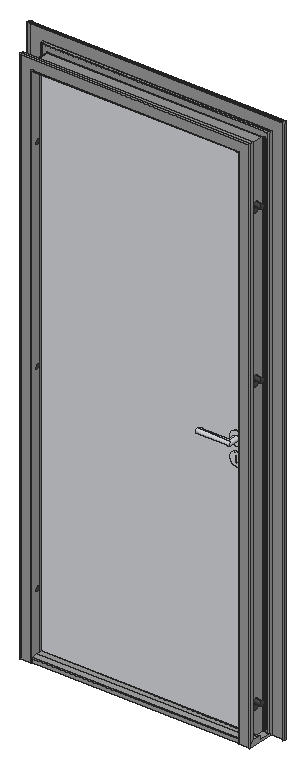
Revit family "Daloc S43 snabbsortiment", category Doors, host Wall, Revit 2017
Family settings
  Host = Wall
  OmniClass Number = 23.30.10.00
  OmniClass Title = Doors
  Always vertical = Yes
  Cut with Voids When Loaded = No
  Shared = No
  Room Calculation Point = No
Parameters (values of type "9x21")
  Övre gångjärn start [instance] = Dörrblad ÖK - 310 mm  # 1763 mm
  Övre gångjärn end [instance] = Dörrblad ÖK - 190 mm  # 1883 mm
  Vänsterhängd [instance] = no
  Visa kollisionskontroll [instance] = no
  Tröskeltyp G Stål [instance] = no
  Tröskeltyp G Hårdträ [instance] = yes
  Modulhöjd = 21
  Modulbredd = 9
  Kulör dörrblad [instance] = none
  Kollisionskontroll vänster [instance] = and(Visa kollisionskontroll, Vänsterhängd)  # no
  Kollisionskontroll höger [instance] = and(Visa kollisionskontroll, Högerhängd)  # no
  KDH [instance] = Height - 75 mm  # 2025 mm
  Infästning Vänsterhängd [instance] = and(Vänsterhängd, or(Dörrkarm K41, Dörrkarm K42))  # no
  Infästning Högerhängd [instance] = and(Högerhängd, or(Dörrkarm K41, Dörrkarm K42))  # yes
  Höjd dörrblad [instance] = (Modulhöjd * 100 mm) - 40 mm  # 2060 mm
  Högerhängd [instance] = yes
  Function = Interior
  Frame Projection Ext. = 25 mm
  Frame Projection Int. = 25 mm
  Frame Width = 75 mm
  Height = Modulhöjd * 100 mm  # 2100 mm
  Wall Closure = By host
  Width = Modulbredd * 100 mm  # 900 mm
  Fp lås Ö [instance] = KDH - 233 mm  # 1792 mm
  Fp Ggj Ö övre hålet [instance] = Fp Ggj Ö + 18 mm  # 1792.5 mm
  Fp Ggj Ö undre hålet [instance] = Fp Ggj Ö - 18 mm  # 1756.5 mm
  Fp Ggj Ö [instance] = KDH - 250.5 mm  # 1774.5 mm
  Dörrstängare Vänster G [instance] = and(Vänsterhängd, Dörrstängare G sida)  # no
  Dörrstängare Vänster A [instance] = and(Vänsterhängd, Dörrstängare A sida)  # no
  Dörrstängare Höger G [instance] = and(Högerhängd, Dörrstängare G sida)  # no
  Dörrstängare Höger A [instance] = and(Högerhängd, Dörrstängare A sida)  # no
  Dörrstängare G sida [instance] = no
  Dörrstängare A sida [instance] = no
  Dörrkarm K42 [instance] = no
  Dörrkarm K41 [instance] = yes
  Dörrblad ÖK [instance] = Höjd dörrblad + Dörrblad UK  # 2073 mm
  Dörrblad UK [instance] = 13 mm
  Datablad [instance] = "http://www.dorrkatalogen.daloc.se/staldorrar/S43/"
  DST offset G-sida [instance] = Dörrblad ÖK - 75 mm  # 1998 mm
  DST offset A-sida [instance] = Dörrblad ÖK - 110 mm  # 1963 mm
  Bredd med överfals [instance] = Bredd dörrblad + 26.2 mm  # 850.2 mm
  Bredd dörrblad [instance] = (Modulbredd * 100 mm) - 76 mm  # 824 mm
Types (5, lengths in mm): name | Övre gångjärn start | Övre gångjärn end | Modulhöjd | Modulbredd | KDH | Höjd dörrblad | Height | Width | Fp lås Ö | Fp Ggj Ö övre hålet | Fp Ggj Ö undre hålet | Fp Ggj Ö | Dörrblad ÖK | DST offset G-sida | DST offset A-sida | Bredd med överfals | Bredd dörrblad
  (no name) | 1763 | 1883 | 21 | 9 | 2025 | 2060 | 2100 | 900 | 1792 | 1792.5 | 1756.5 | 1774.5 | 2073 | 1998 | 1963 | 850.2 | 824
  9x21 | 1763 | 1883 | 21 | 9 | 2025 | 2060 | 2100 | 900 | 1792 | 1792.5 | 1756.5 | 1774.5 | 2073 | 1998 | 1963 | 850.2 | 824
  10x21 | 1763 | 1883 | 21 | 10 | 2025 | 2060 | 2100 | 1000 | 1792 | 1792.5 | 1756.5 | 1774.5 | 2073 | 1998 | 1963 | 950.2 | 924
  9x20,8 | 1743 | 1863 | 20.8 | 9 | 2005 | 2040 | 2080 | 900 | 1772 | 1772.5 | 1736.5 | 1754.5 | 2053 | 1978 | 1943 | 850.2 | 824
  10x20,8 | 1743 | 1863 | 20.8 | 10 | 2005 | 2040 | 2080 | 1000 | 1772 | 1772.5 | 1736.5 | 1754.5 | 2053 | 1978 | 1943 | 950.2 | 924
Reference planes
  plane 1: y = 0
  plane 2 "Center (Left/Right)": x = 0
  plane 3 "Left": x = -450
  plane 4 "Right": x = 450
  plane 5: z = 2100
  plane 6 "Exterior": y = 75
  plane 7 "Interior": y = -75
  plane 8 "Drevmån h": x = -445
  plane 9 "Drevmån v": x = 445
  plane 10 "Drevmån övre": z = 2093
Forms (mm)
  Sweep 1, solid, material "Daloc dörrkarm VIT S 0500-N", visible <- "Dörrkarm K41"
    path origin (0, 75, 0) x (1, 0, 0) y (0, 0, 1)
      loop
        line (445, 0) -> (445, 2093) -> (-445, 2093) -> (-445, 0)
    profile "Karm_K41 : Karm_K41" origin (445, 75, 1046.5) x (-1, 0, 0) y (0, -1, 0)
      loop
        line (0, 85) -> (1.5, 85) -> (1.5, 95)
        arc (1.5, 95) -> (1.939, 96.061) -> (3, 96.5) r 1.5
        line (3, 96.5) -> (42, 96.5)
        arc (42, 96.5) -> (43.061, 96.061) -> (43.5, 95) r 1.5
        line (43.5, 95) -> (43.5, 55)
        arc (43.5, 55) -> (43.061, 53.939) -> (42, 53.5) r 1.5
        line (42, 53.5) -> (28.5, 53.5) -> (28.5, 3)
        arc (28.5, 3) -> (28.061, 1.939) -> (27, 1.5) r 1.5
        line (27, 1.5) -> (6.5, 1.5)
        arc (6.5, 1.5) -> (4.379, 0.621) -> (3.5, -1.5) r 3
        line (3.5, -1.5) -> (3.5, -10)
        arc (3.5, -10) -> (3.061, -11.061) -> (2, -11.5) r 1.5
        line (2, -11.5) -> (-47, -11.5)
        arc (-47, -11.5) -> (-48.061, -11.061) -> (-48.5, -10) r 1.5
        line (-48.5, -10) -> (-48.5, 0) -> (-50, 0) -> (-50, -10)
        arc (-50, -10) -> (-49.121, -12.121) -> (-47, -13) r 3
        line (-47, -13) -> (2, -13)
        arc (2, -13) -> (4.121, -12.121) -> (5, -10) r 3
        line (5, -10) -> (5, -1.5)
        arc (5, -1.5) -> (5.439, -0.439) -> (6.5, 0) r 1.5
        line (6.5, 0) -> (27, 0)
        arc (27, 0) -> (29.121, 0.879) -> (30, 3) r 3
        line (30, 3) -> (30, 52) -> (42, 52)
        arc (42, 52) -> (44.121, 52.879) -> (45, 55) r 3
        line (45, 55) -> (45, 95)
        arc (45, 95) -> (44.121, 97.121) -> (42, 98) r 3
        line (42, 98) -> (3, 98)
        arc (3, 98) -> (0.879, 97.121) -> (0, 95) r 3
        line (0, 95) -> (0, 85)
  Sweep 2, solid, material "Daloc dörrkarm VIT S 0500-N", visible <- "Dörrkarm K42"
    path origin (0, 75, 0) x (1, 0, 0) y (0, 0, 1)
      loop
        line (445, 0) -> (445, 2093) -> (-445, 2093) -> (-445, 0)
    profile "Karm_K42 : Karm_K42" origin (445, 75, 1046.5) x (-1, 0, 0) y (0, -1, 0)
      loop
        line (0, 85) -> (1.5, 85) -> (1.5, 95)
        arc (1.5, 95) -> (1.939, 96.061) -> (3, 96.5) r 1.5
        line (3, 96.5) -> (42, 96.5)
        arc (42, 96.5) -> (43.061, 96.061) -> (43.5, 95) r 1.5
        line (43.5, 95) -> (43.5, 55)
        arc (43.5, 55) -> (43.061, 53.939) -> (42, 53.5) r 1.5
        line (42, 53.5) -> (28.5, 53.5) -> (28.5, 3)
        arc (28.5, 3) -> (28.061, 1.939) -> (27, 1.5) r 1.5
        line (27, 1.5) -> (3, 1.5)
        arc (3, 1.5) -> (1.939, 1.939) -> (1.5, 3) r 1.5
        line (1.5, 3) -> (1.5, 13) -> (0, 13) -> (0, 3)
        arc (0, 3) -> (0.879, 0.879) -> (3, 0) r 3
        line (3, 0) -> (27, 0)
        arc (27, 0) -> (29.121, 0.879) -> (30, 3) r 3
        line (30, 3) -> (30, 52) -> (42, 52)
        arc (42, 52) -> (44.121, 52.879) -> (45, 55) r 3
        line (45, 55) -> (45, 95)
        arc (45, 95) -> (44.121, 97.121) -> (42, 98) r 3
        line (42, 98) -> (3, 98)
        arc (3, 98) -> (0.879, 97.121) -> (0, 95) r 3
        line (0, 95) -> (0, 85)
  Extrusion 3, solid, material "Daloc tröskel EK", visible <- "Tröskeltyp G Hårdträ"
    sketch origin (0, 579.415, -570.578) x (0, 1, 0) y (0, 0, 1)
      loop
        line (-507.415, 580.578) -> (-555.423, 580.578) -> (-555.423, 590.078)
        arc (-555.423, 590.078) -> (-556.448, 592.553) -> (-558.923, 593.578) r 3.5
        line (-558.923, 593.578) -> (-580.423, 593.578)
        arc (-580.423, 593.578) -> (-580.99, 593.524) -> (-581.537, 593.364) r 3
        line (-581.537, 593.364) -> (-598.537, 588.364)
        arc (-598.537, 588.364) -> (-599.907, 587.26) -> (-600.423, 585.578) r 3
        line (-600.423, 585.578) -> (-600.423, 570.578) -> (-504.415, 570.578) -> (-504.415, 577.578)
        arc (-504.415, 577.578) -> (-505.294, 579.699) -> (-507.415, 580.578) r 3
    from -445 to 445
  Extrusion 4, solid, material "Daloc ståltröskel", visible <- "Tröskeltyp G Stål"
    sketch origin (0, -111.86, -57.161) x (0, 1, 0) y (0, 0, 1)
      loop
        line (176.776, 57.161) -> (182.855, 57.161)
        arc (182.855, 57.161) -> (186.86, 61.165) -> (182.855, 65.17) r 4.004
        line (182.855, 65.17) -> (136.355, 65.17)
        arc (136.355, 65.17) -> (135.295, 65.609) -> (134.855, 66.67) r 1.5
        line (134.855, 66.67) -> (134.855, 77.17)
        arc (134.855, 77.17) -> (133.977, 79.291) -> (131.855, 80.17) r 3
        line (131.855, 80.17) -> (102.102, 80.17)
        arc (102.102, 80.17) -> (100.954, 79.941) -> (99.98, 79.291) r 3
        line (99.98, 79.291) -> (93.734, 73.045)
        arc (93.734, 73.045) -> (93.084, 72.072) -> (92.855, 70.924) r 3
        line (92.855, 70.924) -> (92.855, 60.161)
        arc (92.855, 60.161) -> (93.734, 58.04) -> (95.855, 57.161) r 3
        line (95.855, 57.161) -> (102.855, 57.161) -> (102.855, 58.67) -> (95.855, 58.67)
        arc (95.855, 58.67) -> (94.795, 59.109) -> (94.355, 60.17) r 1.5
        line (94.355, 60.17) -> (94.355, 70.924)
        arc (94.355, 70.924) -> (94.469, 71.498) -> (94.795, 71.984) r 1.5
        line (94.795, 71.984) -> (101.041, 78.231)
        arc (101.041, 78.231) -> (101.528, 78.556) -> (102.102, 78.67) r 1.5
        line (102.102, 78.67) -> (131.855, 78.67)
        arc (131.855, 78.67) -> (132.916, 78.231) -> (133.355, 77.17) r 1.5
        line (133.355, 77.17) -> (133.355, 66.67)
        arc (133.355, 66.67) -> (134.234, 64.549) -> (136.355, 63.67) r 3
        line (136.355, 63.67) -> (182.855, 63.67)
        arc (182.855, 63.67) -> (185.355, 61.17) -> (182.855, 58.67) r 2.5
        line (182.855, 58.67) -> (176.776, 58.67) -> (176.776, 57.161)
    from -445 to 445
  Extrusion 5, solid, material "Stainless Steel", visible <- "Högerhängd"
    sketch origin (0, 0, 0) x (1, 0, 0) y (0, 1, 0)
      loop
        circle (-419.581, 92.224) r 8.5
    from 190 to 310
  Extrusion 6, solid, material "Stainless Steel", visible <- "Högerhängd"
    sketch origin (0, 0, 0) x (1, 0, 0) y (0, 1, 0)
      loop
        circle (-419.581, 92.224) r 8.5
    from 1763 <- "Övre gångjärn start" to 1883 <- "Övre gångjärn end"
  Extrusion 7, solid, material "Stainless Steel", visible <- "Vänsterhängd"
    sketch origin (0, 0, 0) x (1, 0, 0) y (0, 1, 0)
      loop
        circle (420.581, 92.224) r 8.5
    from 190 to 310
  Extrusion 8, solid, material "Stainless Steel", visible <- "Vänsterhängd"
    sketch origin (0, 0, 0) x (1, 0, 0) y (0, 1, 0)
      loop
        circle (420.581, 92.224) r 8.5
    from 1763 <- "Övre gångjärn start" to 1883 <- "Övre gångjärn end"
  Extrusion 9, solid, material "Frigång", visible <- "Kollisionskontroll höger"
    sketch origin (0, 0, 0) x (1, 0, 0) y (0, 1, 0)
      loop
        line (-425.081, 83.724) -> (425.119, 83.724)
        arc (425.119, 83.724) -> (-314.108, 926.65) -> (-1246.312, 303.772) r 850.2
        line (-1246.312, 303.772) -> (-425.081, 83.724)
    from 13 <- "Dörrblad UK" to 2073 <- "Dörrblad ÖK"
  Extrusion 10, solid, material "Frigång", visible <- "Kollisionskontroll vänster"
    sketch origin (0, 0, 0) x (1, 0, 0) y (0, 1, 0)
      loop
        line (425.119, 83.724) -> (1246.349, 303.772)
        arc (1246.349, 303.772) -> (314.145, 926.65) -> (-425.081, 83.724) r 850.2
        line (-425.081, 83.724) -> (425.119, 83.724)
    from 13 <- "Dörrblad UK" to 2073 <- "Dörrblad ÖK"
  Extrusion 11, solid, material "Hål", visible <- "Infästning Högerhängd"
    sketch origin (445, 0, 0) x (0, 0, 1) y (0, -1, 0)
      loop
        circle (1250, -35) r 8
    from 0 to -30.1
  Extrusion 12, solid, material "Hål", visible <- "Infästning Högerhängd"
    sketch origin (445, 0, 0) x (0, 0, 1) y (0, -1, 0)
      loop
        circle (1250, -5) r 8
    from 0 to -45.2
  Extrusion 13, solid, material "Hål", visible <- "Infästning Vänsterhängd"
    sketch origin (-445, 0, 0) x (0, 0, 1) y (0, -1, 0)
      loop
        circle (1250, -35) r 8
    from 0 to 30.1
  Extrusion 14, solid, material "Hål", visible <- "Infästning Vänsterhängd"
    sketch origin (-445, 0, 0) x (0, 0, 1) y (0, -1, 0)
      loop
        circle (1250, -5) r 8
    from 0 to 45.2
  Extrusion 15, solid, material "Hål", visible <- "Infästning Högerhängd"
    sketch origin (-445, 0, 0) x (0, 0, 1) y (0, -1, 0)
      loop
        circle (1015, -35) r 8
    from 0 to 30.1
  Extrusion 16, solid, material "Hål", visible <- "Infästning Högerhängd"
    sketch origin (-445, 0, 0) x (0, 0, 1) y (0, -1, 0)
      loop
        circle (1015, -5) r 8
    from 0 to 45.2
  Extrusion 17, solid, material "Hål", visible <- "Infästning Högerhängd"
    sketch origin (-445, 0, 0) x (0, 0, 1) y (0, -1, 0)
      loop
        circle (244.5, -5) r 8
    from 0 to 45.2
  Extrusion 18, solid, material "Hål", visible <- "Infästning Högerhängd"
    sketch origin (-445, 0, 0) x (0, 0, 1) y (0, -1, 0)
      loop
        circle (226.5, -36) r 8
    from 0 to 30.1
  Extrusion 19, solid, material "Hål", visible <- "Infästning Vänsterhängd"
    sketch origin (445, 0, 0) x (0, 0, 1) y (0, -1, 0)
      loop
        circle (226.5, -36) r 8
    from 0 to -30.1
  Extrusion 20, solid, material "Hål", visible <- "Infästning Vänsterhängd"
    sketch origin (445, 0, 0) x (0, 0, 1) y (0, -1, 0)
      loop
        circle (208.5, -5) r 8
    from 0 to -45.2
  Extrusion 21, solid, material "Hål", visible <- "Infästning Vänsterhängd"
    sketch origin (445, 0, 0) x (0, 0, 1) y (0, -1, 0)
      loop
        circle (1015, -35) r 8
    from 0 to -30.1
  Extrusion 22, solid, material "Hål", visible <- "Infästning Vänsterhängd"
    sketch origin (445, 0, 0) x (0, 0, 1) y (0, -1, 0)
      loop
        circle (1015, -5) r 8
    from 0 to -45.2
  Extrusion 23, solid, material "Hål", visible <- "Infästning Vänsterhängd"
    sketch origin (445, 0, 0) x (0, 0, 1) y (0, -1, 0)
      loop
        circle (1774.5, -35) r 8
    from 0 to -30.1
  Extrusion 24, solid, material "Hål", visible <- "Infästning Vänsterhängd"
    sketch origin (445, 0, 0) x (0, 0, 1) y (0, -1, 0)
      loop
        circle (1756.5, -5) r 8
    from 0 to -45.2
  Extrusion 25, solid, material "Hål", visible <- "Infästning Högerhängd"
    sketch origin (-445, 0, 0) x (0, 0, 1) y (0, -1, 0)
      loop
        circle (1774.5, -35) r 8
    from 0 to 30.1
  Extrusion 26, solid, material "Hål", visible <- "Infästning Högerhängd"
    sketch origin (-445, 0, 0) x (0, 0, 1) y (0, -1, 0)
      loop
        circle (1792.5, -5) r 8
    from 0 to 45.2
  Extrusion 27, solid, material "Hål", visible <- "Infästning Vänsterhängd"
    sketch origin (-445, 0, 0) x (0, 0, 1) y (0, -1, 0)
      loop
        circle (131, -35) r 8
    from 0 to 30.1
  Extrusion 28, solid, material "Hål", visible <- "Infästning Vänsterhängd"
    sketch origin (-445, 0, 0) x (0, 0, 1) y (0, -1, 0)
      loop
        circle (131, -5) r 8
    from 0 to 45.2
  Extrusion 29, solid, material "Hål", visible <- "Infästning Högerhängd"
    sketch origin (445, 0, 0) x (0, 0, 1) y (0, -1, 0)
      loop
        circle (131, -35) r 8
    from 0 to -30.1
  Extrusion 30, solid, material "Hål", visible <- "Infästning Högerhängd"
    sketch origin (445, 0, 0) x (0, 0, 1) y (0, -1, 0)
      loop
        circle (131, -5) r 8
    from 0 to -45.2
  Extrusion 31, solid, material "Hål", visible <- "Infästning Högerhängd"
    sketch origin (445, 0, 0) x (0, 0, 1) y (0, -1, 0)
      loop
        circle (1851, -35) r 8
    from 0 to -30.1
  Extrusion 32, solid, material "Hål", visible <- "Infästning Högerhängd"
    sketch origin (445, 0, 0) x (0, 0, 1) y (0, -1, 0)
      loop
        circle (1851, -5) r 8
    from 0 to -45.2
  Extrusion 33, solid, material "Hål", visible <- "Infästning Vänsterhängd"
    sketch origin (-445, 0, 0) x (0, 0, 1) y (0, -1, 0)
      loop
        circle (1851, -35) r 8
    from 0 to 30.1
  Extrusion 34, solid, material "Hål", visible <- "Infästning Vänsterhängd"
    sketch origin (-445, 0, 0) x (0, 0, 1) y (0, -1, 0)
      loop
        circle (1851, -5) r 8
    from 0 to 45.2
Lines and regions (mm)
  Opening 1
    outline origin (-3050, -75, 0) x (1, 0, 0) y (0, 0, 1)
      loop
        line (2600, 0) -> (3500, 0) -> (3500, 2100) -> (2600, 2100) -> (2600, 0)
  symbolic lines, style "Elevation Swing"
    curve 1: line (450, -75, 1050) -> (-450, -75, 2100)
    curve 2: line (450, -75, 1050) -> (-450, -75, 0)
  symbolic lines, visible <- "Högerhängd"
    curve 3: circle (-419.581, 92.224, 0) r 8.5 normal (0, 0, 1)
    curve 5: line (-425.081, 83.724, 0) -> (-1246.312, 303.772, 0)
    curve 6: arc (-1246.312, 303.772, 0) -> (-314.108, 926.65, 0) -> (425.119, 83.724, 0) r 850.2
  symbolic lines, visible <- "Vänsterhängd"
    curve 4: circle (420.581, 92.224, 0) r 8.5 normal (0, 0, 1)
    curve 7: line (425.119, 83.724, 0) -> (1246.349, 303.772, 0)
    curve 8: arc (1246.349, 303.772, 0) -> (314.145, 926.65, 0) -> (-425.081, 83.724, 0) r 850.2
Text (mm)
  text "Exterior" at (-2295.016, 1099.543, 0), in view "Ref. Level"
  text "Exterior" at (0, 1615.38, 3698.081), in view "Left"
  text "Exterior" at (0, 1036.032, 3874.932), in view "Right"
Dimensions and locks
  equal spacing: plane 3 "Left", plane 2 "Center (Left/Right)", plane 4 "Right"
  "Width": plane 3 "Left" to plane 4 "Right"
  "Height": plane 5 to host wall
  equal spacing: host wall, curve 2, plane 5
  host wall to plane 5 = 2100 mm
  locked: plane 6 "Exterior" to host wall at 0
  locked: plane 7 "Interior" to host wall
  locked: plane 5 to plane 10 "Drevmån övre" at 7
  locked: plane 3 "Left" to plane 8 "Drevmån h" at 5
  locked: plane 9 "Drevmån v" to plane 4 "Right" at 5
  locked: plane 6 "Exterior" to Extrusion 4 at 52.004
  locked: plane 6 "Exterior" to Extrusion 3 at 51.008
  curve 3 to nested 1 = 8.5 mm
  locked: curve 4 to nested 1 at 8.5
  locked: plane 3 "Left" to nested 6 at 130
  locked: plane 3 "Left" to nested 7 at 130
  locked: nested 8 to plane 4 "Right" at 129.9
  "Bredd med överfals": curve 5 to curve 5
  locked: plane 8 "Drevmån h" to curve 5 at 19.919
  "Bredd med överfals": curve 7 to curve 7
  locked: curve 5 to nested 1 at 0
  locked: Extrusion 11 sketch curve to plane 6 "Exterior" at 40
  locked: Extrusion 11 sketch curve to level at 1250
  Extrusion 12 sketch curve to level = 1250 mm
  Extrusion 12 sketch curve to plane 6 "Exterior" = 70 mm
  locked: Extrusion 13 sketch curve to level at 1250
  locked: plane 6 "Exterior" to Extrusion 13 sketch curve at 40
  Extrusion 14 sketch curve to level = 1250 mm
  plane 6 "Exterior" to Extrusion 14 sketch curve = 70 mm
  locked: Extrusion 15 sketch curve to level at 1015
  locked: plane 6 "Exterior" to Extrusion 15 sketch curve at 40
  locked: Extrusion 16 sketch curve to level at 1015
  locked: plane 6 "Exterior" to Extrusion 16 sketch curve at 70
  locked: Extrusion 17 sketch curve to level at 244.5
  locked: plane 6 "Exterior" to Extrusion 17 sketch curve at 70
  locked: Extrusion 18 sketch curve to level at 226.5
  locked: plane 6 "Exterior" to Extrusion 18 sketch curve at 39
  locked: Extrusion 19 sketch curve to level at 226.5
  locked: Extrusion 19 sketch curve to plane 6 "Exterior" at 39
  locked: Extrusion 20 sketch curve to level at 208.5
  locked: Extrusion 20 sketch curve to plane 6 "Exterior" at 70
  locked: Extrusion 21 sketch curve to level at 1015
  locked: Extrusion 21 sketch curve to plane 6 "Exterior" at 40
  locked: Extrusion 22 sketch curve to level at 1015
  locked: Extrusion 22 sketch curve to plane 6 "Exterior" at 70
  "Fp Ggj Ö": Extrusion 23 sketch curve to level
  locked: Extrusion 23 sketch curve to plane 6 "Exterior" at 40
  "Fp Ggj Ö undre hålet": Extrusion 24 sketch curve to level
  locked: Extrusion 24 sketch curve to plane 6 "Exterior" at 70
  "Fp Ggj Ö": Extrusion 25 sketch curve to level
  locked: plane 6 "Exterior" to Extrusion 25 sketch curve at 40
  "Fp Ggj Ö övre hålet": Extrusion 26 sketch curve to level
  locked: plane 6 "Exterior" to Extrusion 26 sketch curve at 70
  locked: plane 6 "Exterior" to nested 6 at 8.7
  locked: nested 9 to plane 4 "Right" at 130
  locked: plane 6 "Exterior" to nested 9 at 8.7
  locked: Extrusion 27 sketch curve to level at 131
  locked: plane 6 "Exterior" to Extrusion 27 sketch curve at 40
  locked: Extrusion 28 sketch curve to level at 131
  locked: plane 6 "Exterior" to Extrusion 28 sketch curve at 70
  locked: Extrusion 29 sketch curve to level at 131
  locked: Extrusion 29 sketch curve to plane 6 "Exterior" at 40
  locked: Extrusion 30 sketch curve to level at 131
  locked: Extrusion 30 sketch curve to plane 6 "Exterior" at 70
  locked: Extrusion 31 sketch curve to level at 1851
  locked: Extrusion 31 sketch curve to plane 6 "Exterior" at 40
  Extrusion 32 sketch curve to level = 1851 mm
  Extrusion 32 sketch curve to plane 6 "Exterior" = 70 mm
  locked: Extrusion 33 sketch curve to level at 1851
  locked: plane 6 "Exterior" to Extrusion 33 sketch curve at 40
  Extrusion 34 sketch curve to level = 1851 mm
  plane 6 "Exterior" to Extrusion 34 sketch curve = 70 mm
  locked: plane 6 "Exterior" to nested 1 at 0  (x2)
  locked: nested 1 to nested 2 at 51
  locked: nested 1 to nested 4 at 0
  locked: nested 1 to nested 5 at 0
  locked: nested 1 to nested 2 at 0
  locked: nested 1 to nested 3 at 0
  locked: nested 3 to nested 1 at 51.081
  locked: nested 4 to nested 1 at 51.081
  locked: nested 1 to nested 5 at 51.081
  locked: nested 1 to curve 5 (angle 165.00°)
  locked: curve 7 to nested 1 (angle 165.00°)
  aligned and locked: plane 3 "Left" to Opening 1 sketch curve
  aligned and locked: plane 5 to Opening 1 sketch curve  (x2)
  aligned and locked: Opening 1 sketch curve to plane 4 "Right"
  aligned and locked: Opening 1 sketch curve to level
  aligned and locked: plane 5 to curve 1
  aligned and locked: plane 3 "Left" to curve 2
  aligned and locked: plane 1 to host wall
  aligned and locked: plane 3 "Left" to curve 1
  aligned and locked: plane 9 "Drevmån v" to Sweep 1 sketch curve
  aligned and locked: plane 10 "Drevmån övre" to Sweep 1 sketch curve
  aligned and locked: Sweep 1 sketch curve to plane 8 "Drevmån h"
  aligned and locked: nested 1 to plane 2 "Center (Left/Right)"
  aligned and locked: Sweep 2 sketch curve to Sweep 1
  aligned and locked: plane 10 "Drevmån övre" to Sweep 2 sketch curve
  aligned and locked: Sweep 2 sketch curve to plane 8 "Drevmån h"
  aligned and locked: Extrusion 4 to level  (x3)
  aligned and locked: plane 9 "Drevmån v" to Extrusion 3
  aligned and locked: Extrusion 3 to plane 8 "Drevmån h"
  aligned and locked: plane 9 "Drevmån v" to Extrusion 4
  aligned and locked: Extrusion 4 to plane 8 "Drevmån h"
  aligned and locked: nested 2 to nested 1
  aligned and locked: Extrusion 5 sketch curve to curve 3
  aligned and locked: Extrusion 6 sketch curve to curve 3
  aligned and locked: Extrusion 7 sketch curve to curve 4
  aligned and locked: Extrusion 8 sketch curve to curve 4
  aligned and locked: nested 7 to nested 1
  aligned and locked: nested 8 to nested 1
  aligned and locked: Extrusion 9 sketch curve to curve 5
  aligned and locked: Extrusion 9 sketch curve to curve 6
  aligned and locked: Extrusion 9 sketch curve to nested 1
  aligned and locked: Extrusion 10 sketch curve to curve 7
  aligned and locked: Extrusion 10 sketch curve to curve 8
  aligned and locked: Extrusion 10 sketch curve to nested 1
Automatic sketch dimensions
  curve 2 to level = 0 mm
  plane 4 "Right" to curve 2 = 0 mm
  Sweep 1 sketch curve to level = 0 mm  (x2)
  Sweep 2 sketch curve to level = 0 mm  (x2)
  Extrusion 3 sketch curve to host wall = 147 mm
  level to Extrusion 3 sketch curve = 7 mm
  Extrusion 3 sketch curve to Extrusion 3 sketch curve = 3 mm  (x2)
  Extrusion 3 sketch curve to Extrusion 3 sketch curve = 48.008 mm
  Extrusion 3 sketch curve to Extrusion 3 sketch curve = 9.5 mm
  Extrusion 3 sketch curve to Extrusion 3 sketch curve = 3.5 mm
  Extrusion 3 sketch curve to Extrusion 3 sketch curve = 21.5 mm
  Extrusion 3 sketch curve to Extrusion 3 sketch curve = 1.114 mm  (x2)
  Extrusion 3 sketch curve to Extrusion 3 sketch curve = 17 mm
  Extrusion 3 sketch curve to Extrusion 3 sketch curve = 5 mm
  Extrusion 3 sketch curve to Extrusion 3 sketch curve = 2.785 mm
  Extrusion 3 sketch curve to Extrusion 3 sketch curve = 15 mm
  Extrusion 4 sketch curve to host wall = 4.004 mm
  level to Extrusion 4 sketch curve = 0 mm
  Extrusion 4 sketch curve to Extrusion 4 sketch curve = 4.004 mm
  Extrusion 4 sketch curve to Extrusion 4 sketch curve = 6.079 mm
  Extrusion 4 sketch curve to Extrusion 4 sketch curve = 40.421 mm
  Extrusion 4 sketch curve to Extrusion 4 sketch curve = 1.5 mm
  Extrusion 4 sketch curve to Extrusion 4 sketch curve = 10.5 mm
  Extrusion 4 sketch curve to Extrusion 4 sketch curve = 3 mm  (x3)
  Extrusion 4 sketch curve to host wall = 84.758 mm
  Extrusion 4 sketch curve to Extrusion 4 sketch curve = 2.121 mm  (x3)
  Extrusion 4 sketch curve to Extrusion 4 sketch curve = 6.246 mm  (x2)
  Extrusion 4 sketch curve to Extrusion 4 sketch curve = 10.763 mm
  Extrusion 4 sketch curve to Extrusion 4 sketch curve = 7 mm
  Extrusion 4 sketch curve to Extrusion 4 sketch curve = 1.509 mm
  Extrusion 4 sketch curve to Extrusion 4 sketch curve = 0 mm  (x10)
  Extrusion 4 sketch curve to Extrusion 4 sketch curve = 0.009 mm
  Extrusion 4 sketch curve to Extrusion 4 sketch curve = 0.439 mm
  Extrusion 4 sketch curve to Extrusion 4 sketch curve = 1.061 mm  (x2)
  Extrusion 4 sketch curve to Extrusion 4 sketch curve = 0.004 mm
  curve 6 to curve 5 = 0 mm
  curve 8 to curve 7 = 0 mm
  curve 8 to curve 3 = 5.5 mm
  curve 4 to curve 8 = 4.537 mm
  radius of curve 3 = 8.5 mm
  radius of curve 4 = 8.5 mm
  radius of Extrusion 11 sketch curve = 8 mm
  radius of Extrusion 12 sketch curve = 8 mm
  radius of Extrusion 13 sketch curve = 8 mm
  radius of Extrusion 14 sketch curve = 8 mm
  radius of Extrusion 15 sketch curve = 8 mm
  radius of Extrusion 16 sketch curve = 8 mm
  radius of Extrusion 17 sketch curve = 8 mm
  radius of Extrusion 18 sketch curve = 8 mm
  radius of Extrusion 19 sketch curve = 8 mm
  radius of Extrusion 20 sketch curve = 8 mm
  radius of Extrusion 21 sketch curve = 8 mm
  radius of Extrusion 22 sketch curve = 8 mm
  radius of Extrusion 23 sketch curve = 8 mm
  radius of Extrusion 24 sketch curve = 8 mm
  radius of Extrusion 27 sketch curve = 8 mm
  radius of Extrusion 28 sketch curve = 8 mm
  radius of Extrusion 29 sketch curve = 8 mm
  radius of Extrusion 30 sketch curve = 8 mm
  radius of Extrusion 26 sketch curve = 8 mm
  radius of Extrusion 25 sketch curve = 8 mm
  radius of Extrusion 31 sketch curve = 8 mm
  radius of Extrusion 32 sketch curve = 8 mm
  radius of Extrusion 33 sketch curve = 8 mm
  radius of Extrusion 34 sketch curve = 8 mm
Nested families
  nested 1: "Dörrblad_S43" at (0, 83.724, 13) x (-1, 0, 0) z (0, 0, 1), Bredd dörrblad <- "Bredd dörrblad", Höjd dörrblad <- "Höjd dörrblad", built-in parameter 1001364 <- "Dörrblad UK", Kulör dörrblad <- "Kulör dörrblad", type "Dörrblad_S43"
    with Kulör dörrblad none, Höjd dörrblad 2060 mm, Bredd dörrblad 824 mm
  nested 2: "Handtag_J" at (-357.081, 83.724, 1022) x (-1, 0, 0) z (0, 1, 0), visible <- "Vänsterhängd", type "Handtag_J"
    with Handtag Ytterdörr none
  nested 3: "Handtag_J" at (357, 83.724, 1022) x (1, 0, 0) z (0, 1, 0), visible <- "Högerhängd", type "Handtag_J"
    with Handtag Ytterdörr none
  nested 4: "Handtag_J" at (357, 25.724, 1024) x (1, 0, 0) z (0, -1, 0), visible <- "Högerhängd", type "Handtag_J"
    with Handtag Ytterdörr none
  nested 5: "Handtag_J" at (-357, 25.724, 1024) x (-1, 0, 0) z (0, -1, 0), visible <- "Vänsterhängd", type "Handtag_J"
    with Handtag Ytterdörr none
  nested 6: "Dörrstängare" at (-75, 129.7, 1998) x (-1, 0, 0) z (0, 0, 1), built-in parameter 1001364 <- "DST offset G-sida", visible <- "Dörrstängare Höger G", type "Dörrstängare"
  nested 7: "Dörrstängare" at (-320, -20.276, 1963), built-in parameter 1001364 <- "DST offset A-sida", visible <- "Dörrstängare Höger A", type "Dörrstängare"
  nested 8: "Dörrstängare" at (75.1, -20.276, 1963), built-in parameter 1001364 <- "DST offset A-sida", visible <- "Dörrstängare Vänster A", type "Dörrstängare"
  nested 9: "Dörrstängare" at (320, 129.7, 1998) x (-1, 0, 0) z (0, 0, 1), built-in parameter 1001364 <- "DST offset G-sida", visible <- "Dörrstängare Vänster G", type "Dörrstängare"
Definition of nested family "Dörrblad_S43"
  Parameters (values of type "Dörrblad_S43")
    Kulör dörrblad [instance] = none
    Höjd dörrblad [instance] = 2060 mm
    Bredd dörrblad [instance] = 924 mm
  Reference planes
    plane 1 "Center (Front/Back)": y = 0
    plane 2: z = 0
    plane 3 "Center (Left/Right)": x = 0
  Forms (mm)
    Extrusion 1, solid, material <- "Kulör dörrblad"
      sketch origin (0, 0, 0) x (1, 0, 0) y (0, 1, 0)
        loop
          line (-462, 46.424) -> (-461.375, 44.899)
          arc (-461.375, 44.899) -> (-460.77, 44.546) -> (-460.081, 44.424) r 2
          line (-460.081, 44.424) -> (-459.081, 44.424)
          arc (-459.081, 44.424) -> (-458.374, 44.131) -> (-458.081, 43.424) r 1
          line (-458.081, 43.424) -> (-458.081, 23.291)
          arc (-458.081, 23.291) -> (-458.379, 22.572) -> (-459.099, 22.274) r 1.017
          line (-459.099, 22.274) -> (-461.585, 21.586)
          arc (-461.585, 21.586) -> (-462.643, 21.147) -> (-463.081, 20.089) r 1.497
          line (-463.081, 20.089) -> (-463.081, 9.724)
          arc (-463.081, 9.724) -> (-463.374, 9.017) -> (-464.081, 8.724) r 1
          line (-464.081, 8.724) -> (-473.081, 8.724)
          arc (-473.081, 8.724) -> (-474.496, 8.138) -> (-475.081, 6.724) r 2
          arc (-475.081, 6.724) -> (-474.929, 5.959) -> (-474.496, 5.31) r 2
          line (-474.496, 5.31) -> (-469.772, 0.586)
          arc (-469.772, 0.586) -> (-469.123, 0.152) -> (-468.357, 0) r 2
          line (-468.357, 0) -> (468.357, 0)
          arc (468.357, 0) -> (469.123, 0.152) -> (469.772, 0.586) r 2
          line (469.772, 0.586) -> (471.41, 2.224) -> (474.496, 5.31)
          arc (474.496, 5.31) -> (474.929, 5.959) -> (475.081, 6.724) r 2
          arc (475.081, 6.724) -> (474.496, 8.138) -> (473.081, 8.724) r 2
          line (473.081, 8.724) -> (459.081, 8.724)
          arc (459.081, 8.724) -> (458.374, 9.017) -> (458.081, 9.724) r 1
          line (458.081, 9.724) -> (458.081, 43.456)
          arc (458.081, 43.456) -> (458.365, 44.141) -> (459.049, 44.424) r 0.968
          line (459.049, 44.424) -> (460.081, 44.424)
          arc (460.081, 44.424) -> (460.77, 44.546) -> (461.375, 44.899) r 2
          line (461.375, 44.899) -> (462, 46.424) -> (462, 56.122)
          arc (462, 56.122) -> (461.45, 57.45) -> (460.122, 58) r 1.878
          line (460.122, 58) -> (-460.122, 58)
          arc (-460.122, 58) -> (-461.45, 57.45) -> (-462, 56.122) r 1.878
          line (-462, 56.122) -> (-462, 46.424)
      from 0 to 2060 <- "Höjd dörrblad"
    Extrusion 2, void
      sketch origin (0, 0, 0) x (0, 1, 0) y (0, 0, 1)
        loop
          line (8.514, 2047.858) -> (60, 2047.858) -> (60, 2062) -> (8.514, 2062) -> (8.514, 2047.858)
      from -751.315 to 861.327
    Extrusion 3, void
      sketch origin (0, 0, 0) x (0, 1, 0) y (0, 0, 1)
        loop
          line (1.965, 2060) -> (1.965, 2061.038) -> (-1.108, 2061.038) -> (-1.108, 2058.035) -> (0, 2058.035)
          arc (0, 2058.035) -> (0.576, 2059.424) -> (1.965, 2060) r 1.965
      from -719.556 to 861.327
  Cuts and joins
    Extrusion 2, Extrusion 3 cuts Extrusion 1
  Lines and regions (mm)
    model lines
      curve 1: arc (-460.122, 58, 0) -> (-461.45, 57.45, 0) -> (-462, 56.122, 0) r 1.878
      curve 2: arc (462, 56.122, 0) -> (461.45, 57.45, 0) -> (460.122, 58, 0) r 1.878
      curve 3: arc (458.081, 9.724, 0) -> (458.374, 9.017, 0) -> (459.081, 8.724, 0) r 1
      curve 4: arc (-464.081, 8.724, 0) -> (-463.374, 9.017, 0) -> (-463.081, 9.724, 0) r 1
      curve 5: arc (475.081, 6.724, 0) -> (474.496, 8.138, 0) -> (473.081, 8.724, 0) r 2
      curve 6: arc (-473.081, 8.724, 0) -> (-474.496, 8.138, 0) -> (-475.081, 6.724, 0) r 2
      curve 7: arc (-469.772, 0.586, 0) -> (-469.123, 0.152, 0) -> (-468.357, 0, 0) r 2
      curve 8: arc (468.357, 0, 0) -> (469.123, 0.152, 0) -> (469.772, 0.586, 0) r 2
      curve 9: line (-461.375, 44.899, 0) -> (-462, 46.424, 0)
      curve 10: line (462, 46.424, 0) -> (461.375, 44.899, 0)
      curve 11: arc (-461.375, 44.899, 0) -> (-460.77, 44.546, 0) -> (-460.081, 44.424, 0) r 2
      curve 12: arc (460.081, 44.424, 0) -> (460.77, 44.546, 0) -> (461.375, 44.899, 0) r 2
      curve 13: arc (474.496, 5.31, 0) -> (474.929, 5.959, 0) -> (475.081, 6.724, 0) r 2
      curve 14: arc (-475.081, 6.724, 0) -> (-474.929, 5.959, 0) -> (-474.496, 5.31, 0) r 2
      curve 15: line (460.122, 58, 0) -> (-460.122, 58, 0)
      curve 16: line (469.772, 0.586, 0) -> (471.41, 2.224, 0)
      curve 17: line (471.41, 2.224, 0) -> (474.496, 5.31, 0)
      curve 18: line (468.357, 0, 0) -> (-468.357, 0, 0)
      curve 19: line (-462, 46.424, 0) -> (-462, 46.831, 0)
      curve 20: line (-462, 46.831, 0) -> (-462, 56.122, 0)
      curve 21: line (462, 56.122, 0) -> (462, 46.831, 0)
      curve 22: line (462, 46.831, 0) -> (462, 46.424, 0)
      curve 23: line (-459.081, 44.424, 0) -> (-460.081, 44.424, 0)
      curve 24: line (460.081, 44.424, 0) -> (459.049, 44.424, 0)
      curve 25: line (459.081, 8.724, 0) -> (473.081, 8.724, 0)
      curve 26: line (-473.081, 8.724, 0) -> (-464.081, 8.724, 0)
      curve 27: arc (0, 17.914, 0) -> (0, 19.131, 0.413) -> (0, 19.845, 1.482) r 2
      curve 28: arc (0, 56, 0) -> (0, 57.414, 0.586) -> (0, 58, 2) r 2
      curve 29: arc (0, 0.586, 0.586) -> (0, 1.235, 0.152) -> (0, 2, 0) r 2
      curve 30: arc (0, 0, 2) -> (0, 0.152, 1.235) -> (0, 0.586, 0.586) r 2
      curve 31: arc (0, 21.249, 3.858) -> (0, 20.641, 3.652) -> (0, 20.283, 3.117) r 1
      curve 32: line (0, 43.32, 3.858) -> (0, 44.199, 3.184)
      curve 33: arc (0, 46.095, 0.067) -> (0, 46.348, 0.017) -> (0, 46.606, 0) r 2
      curve 34: line (0, 44.675, 1.408) -> (0, 46.095, 0.067)
      curve 35: line (0, 19.845, 1.482) -> (0, 20.283, 3.117)
      curve 36: line (0, 21.249, 3.858) -> (0, 43.32, 3.858)
      curve 37: line (0, 44.675, 1.408) -> (0, 44.199, 3.184)
      curve 38: line (0, 56, 0) -> (0, 46.606, 0)
      curve 39: line (0, 17.914, 0) -> (0, 9.5, 0)
      curve 40: line (0, 9.5, 0) -> (0, 8.5, 0)
      curve 41: line (0, 8.5, 0) -> (0, 5.086, 0)
      curve 42: line (0, 5.086, 0) -> (0, 2, 0)
      curve 43: arc (0, 17.914, 0) -> (0, 19.142, 0.408) -> (0, 19.863, 1.482) r 2
      curve 44: arc (0, 21.249, 3.858) -> (0, 20.651, 3.646) -> (0, 20.301, 3.117) r 1
      curve 45: line (0, 43.233, 3.858) -> (0, 44.199, 3.117)
      curve 46: arc (0, 45.992, 0.097) -> (0, 46.295, 0.024) -> (0, 46.606, 0) r 2
      curve 47: line (0, 44.675, 1.341) -> (0, 45.992, 0.097)
      curve 48: line (0, 19.863, 1.482) -> (0, 20.301, 3.117)
      curve 49: line (0, 21.249, 3.858) -> (0, 43.233, 3.858)
      curve 50: line (0, 44.675, 1.341) -> (0, 44.199, 3.117)
      curve 51: line (0, 56, 0) -> (0, 46.606, 0)
      curve 52: line (0, 17.914, 0) -> (0, 9.5, 0)
      curve 53: line (0, 9.5, 0) -> (0, 8.5, 0)
      curve 54: line (0, 8.5, 0) -> (0, 5.086, 0)
      curve 55: line (0, 5.086, 0) -> (0, 2, 0)
    symbolic lines
      curve 56: arc (0, 0, 2) -> (0, 0.152, 1.235) -> (0, 0.586, 0.586) r 2
      curve 57: arc (0, 0.586, 0.586) -> (0, 1.235, 0.152) -> (0, 2, 0) r 2
      curve 58: line (0, 2.224, 0) -> (0, 0.586, 0)
      curve 59: line (0, 5.31, 0) -> (0, 2.224, 0)
      curve 60: arc (0, 56, 0) -> (0, 57.414, 0.586) -> (0, 58, 2) r 2
      curve 61: line (-458.081, 43.424, 0) -> (-458.081, 23.291, 0)
      curve 62: line (-473.081, 8.724, 0) -> (-464.081, 8.724, 0)
      curve 63: arc (-464.081, 8.724, 0) -> (-463.374, 9.017, 0) -> (-463.081, 9.724, 0) r 1
      curve 64: line (458.081, 43.456, 0) -> (458.081, 9.724, 0)
      curve 65: line (-474.496, 5.31, 0) -> (-469.772, 0.586, 0)
      curve 66: line (-463.081, 9.724, 0) -> (-463.081, 20.089, 0)
      curve 67: arc (-458.081, 23.291, 0) -> (-458.379, 22.572, 0) -> (-459.099, 22.274, 0) r 1.017
      curve 68: line (-459.099, 22.274, 0) -> (-461.585, 21.586, 0)
      curve 69: arc (-463.081, 20.089, 0) -> (-462.643, 21.147, 0) -> (-461.585, 21.586, 0) r 1.497
      curve 70: arc (-459.081, 44.424, 0) -> (-458.374, 44.131, 0) -> (-458.081, 43.424, 0) r 1
      curve 71: arc (458.081, 43.456, 0) -> (458.365, 44.141, 0) -> (459.049, 44.424, 0) r 0.968
  Dimensions and locks
    "Bredd dörrblad": curve 20 to curve 21
    locked: curve 15 to curve 18 at 58
    equal spacing: curve 20, plane 3 "Center (Left/Right)", curve 21
    locked: Extrusion 2 sketch curve to Extrusion 1 at 2
    locked: cut or joined group of Extrusion 1, Extrusion 2, Extrusion 3 to Extrusion 3 sketch curve
    locked: plane 1 "Center (Front/Back)" to Extrusion 3 sketch curve
    aligned and locked: level to plane 2
    aligned and locked: curve 18 to plane 1 "Center (Front/Back)"
    aligned and locked: level to curve 42
    aligned and locked: level to curve 38
    aligned and locked: Extrusion 1 sketch curve to curve 20
    aligned and locked: Extrusion 1 sketch curve to curve 1
    aligned and locked: Extrusion 1 sketch curve to curve 2
    aligned and locked: Extrusion 1 sketch curve to curve 10
    aligned and locked: Extrusion 1 sketch curve to curve 12
    aligned and locked: Extrusion 1 sketch curve to curve 71
    aligned and locked: Extrusion 1 sketch curve to curve 3
    aligned and locked: Extrusion 1 sketch curve to curve 5
    aligned and locked: Extrusion 1 sketch curve to curve 13
    aligned and locked: Extrusion 1 sketch curve to curve 17
    aligned and locked: Extrusion 1 sketch curve to curve 8
    aligned and locked: Extrusion 1 sketch curve to curve 7
    aligned and locked: Extrusion 1 sketch curve to curve 14
    aligned and locked: Extrusion 1 sketch curve to curve 6
    aligned and locked: Extrusion 1 sketch curve to curve 63
    aligned and locked: Extrusion 1 sketch curve to curve 69
    aligned and locked: Extrusion 1 sketch curve to curve 68
    aligned and locked: Extrusion 1 sketch curve to curve 67
    aligned and locked: Extrusion 1 sketch curve to curve 70
    aligned and locked: Extrusion 1 sketch curve to curve 11
    aligned and locked: Extrusion 1 sketch curve to curve 9
  Automatic sketch dimensions
    curve 30 to curve 29 = 0 mm
    curve 57 to curve 56 = 0 mm
    curve 56 to plane 1 "Center (Front/Back)" = 0 mm
    curve 30 to curve 29 = 2 mm
    curve 29 to curve 41 = 3.086 mm
    curve 41 to curve 40 = 3.414 mm
    curve 53 to curve 53 = 1 mm
    level to curve 43 = 2 mm
    curve 39 to curve 43 = 8.431 mm
    level to curve 48 = 1.482 mm
    level to curve 35 = 1.482 mm
    curve 35 to curve 43 = 0.018 mm
    level to curve 48 = 3.117 mm
    curve 27 to curve 48 = 0.456 mm
    level to curve 35 = 3.117 mm
    curve 35 to curve 44 = 0.018 mm
    curve 35 to curve 49 = 0.966 mm
    level to curve 49 = 3.858 mm
    curve 49 to curve 60 = 14.767 mm
    curve 45 to curve 36 = 0.087 mm
    level to curve 32 = 3.184 mm
    curve 45 to curve 32 = 0.966 mm
    level to curve 45 = 3.117 mm
    curve 45 to curve 32 = 0 mm
    level to curve 47 = 1.341 mm
    curve 45 to curve 47 = 0.476 mm
    level to curve 37 = 1.408 mm
    curve 37 to curve 47 = 0 mm
    level to curve 34 = 0.067 mm
    curve 47 to curve 34 = 1.42 mm
    level to curve 47 = 0.097 mm
    curve 47 to curve 33 = 0.103 mm
    level to curve 33 = 2 mm
    curve 51 to curve 33 = 0 mm
    curve 28 to curve 60 = 2 mm
    curve 31 to curve 44 = 0 mm
    level to curve 57 = 0.586 mm
    curve 52 to curve 43 = 0.018 mm
    curve 58 to level = 0 mm
    curve 58 to plane 1 "Center (Front/Back)" = 0.586 mm
    curve 29 to curve 58 = 0.224 mm
    curve 41 to curve 59 = 0.224 mm
    Extrusion 1 sketch curve to plane 1 "Center (Front/Back)" = 5.31 mm  (x2)
    Extrusion 1 sketch curve to plane 1 "Center (Front/Back)" = 0.586 mm  (x2)
    Extrusion 1 sketch curve to plane 1 "Center (Front/Back)" = 2.224 mm
    Extrusion 2 sketch curve to Extrusion 2 sketch curve = 14.142 mm
    Extrusion 2 sketch curve to plane 1 "Center (Front/Back)" = 8.514 mm
    plane 1 "Center (Front/Back)" to Extrusion 3 sketch curve = 1.108 mm
    Extrusion 3 sketch curve to plane 1 "Center (Front/Back)" = 1.965 mm
    Extrusion 3 sketch curve to Extrusion 3 sketch curve = 3.004 mm
    curve 31 to curve 49 = 21.983 mm
    Extrusion 2 sketch curve to Extrusion 2 sketch curve = 51.486 mm
    curve 4 to curve 63 = 0 mm  (x2)
    curve 5 to curve 13 = 0 mm  (x2)
    curve 6 to curve 14 = 0 mm  (x2)
    curve 66 to curve 9 = 1.081 mm
    curve 62 to curve 4 = 1 mm
    curve 7 to plane 1 "Center (Front/Back)" = 2 mm
    curve 7 to curve 26 = 4.276 mm
    curve 65 to plane 1 "Center (Front/Back)" = 0.586 mm
    curve 26 to curve 7 = 4.724 mm
    curve 65 to plane 1 "Center (Front/Back)" = 5.31 mm
    curve 68 to plane 1 "Center (Front/Back)" = 21.586 mm
    curve 69 to curve 68 = 1.497 mm
    curve 9 to plane 1 "Center (Front/Back)" = 44.899 mm
    curve 9 to curve 9 = 0.625 mm
    curve 1 to curve 1 = 1.878 mm
    curve 9 to curve 11 = 1.919 mm
    curve 69 to curve 67 = 2.486 mm
    curve 11 to curve 23 = 1 mm
    curve 67 to curve 61 = 1.017 mm
    curve 64 to curve 10 = 3.919 mm
    curve 64 to curve 71 = 0.968 mm
    curve 3 to curve 25 = 1 mm
    curve 24 to curve 24 = 1.032 mm
    curve 2 to curve 2 = 1.878 mm
    curve 10 to plane 1 "Center (Front/Back)" = 44.899 mm
    curve 12 to curve 10 = 1.294 mm
    curve 3 to curve 18 = 9.276 mm
    curve 16 to plane 1 "Center (Front/Back)" = 0.586 mm
    curve 8 to curve 16 = 1.414 mm
    curve 17 to plane 1 "Center (Front/Back)" = 2.224 mm
    curve 16 to curve 17 = 1.638 mm
    curve 16 to curve 5 = 1.672 mm
    curve 17 to plane 1 "Center (Front/Back)" = 5.31 mm
    curve 13 to curve 17 = 1.414 mm
    curve 13 to curve 5 = 1.414 mm
    curve 69 to curve 68 = 0.689 mm
    curve 61 to curve 9 = 1.475 mm
    curve 71 to curve 10 = 1.442 mm
    curve 9 to curve 9 = 1.525 mm
    curve 12 to curve 22 = 1.525 mm
    curve 10 to curve 21 = 0.406 mm
    curve 9 to curve 19 = 0.406 mm
Definition of nested family "Handtag_J"
  Parameters (values of type "Handtag_J")
    Handtag Ytterdörr [instance] = none
    Default Elevation = 1219.2 mm
  Reference planes
    plane 1 "Center (Front/Back)": y = 0
    plane 2: z = 0
    plane 3 "Center (Left/Right)": x = 0
  Forms (mm)
    Extrusion 1, solid
      sketch origin (0, 0, 0) x (1, 0, 0) y (0, 1, 0)
        loop
          line (-1219.2, 1219.2) -> (-1219.2, -1219.2) -> (1219.2, -1219.2) -> (1219.2, 1219.2) -> (-1219.2, 1219.2)
      from 0 to -304.8
    Extrusion 2, solid, material <- "Handtag Ytterdörr"
      sketch origin (0, 35.531, 0) x (-1, 0, 0) y (0, -1, 0)
        loop
          circle (0, 107.075) r 25
        loop
          line (-1.871, 118.619) -> (-1.871, 95.531) -> (1.871, 95.531) -> (1.871, 118.619) -> (-1.871, 118.619)
      from 0 to 5
    Extrusion 3, solid, material <- "Handtag Ytterdörr"
      sketch origin (0, 110, 0) x (-1, 0, 0) y (0, -1, 0)
        loop
          circle (0, 110) r 25
      from 0 to 5
    Sweep 4, solid, material <- "Handtag Ytterdörr"
      path origin (0, 0, 0) x (-1, 0, 0) y (0, 0, -1)
        loop
          line (0, -5) -> (0, -40) -> (120, -40)
      profile origin (0, 0, 22.5) x (-1, 0, 0) y (0, -1, 0)
        loop
          spline (0, 8) -> (-3.106, 7.727) -> (-6, 6.928) -> (-8.485, 5.657) -> (-10.392, 4) -> (-11.591, 2.071) -> (-12, 0) -> (-11.591, -2.071) -> (-10.392, -4) -> (-8.485, -5.657) -> (-6, -6.928) -> (-3.106, -7.727) -> (0, -8)
          spline (0, -8) -> (3.106, -7.727) -> (6, -6.928) -> (8.485, -5.657) -> (10.392, -4) -> (11.591, -2.071) -> (12, 0) -> (11.591, 2.071) -> (10.392, 4) -> (8.485, 5.657) -> (6, 6.928) -> (3.106, 7.727) -> (0, 8)
  Dimensions and locks
    Extrusion 2 sketch curve to Extrusion 2 sketch curve = 3.742 mm
    equal spacing: Extrusion 2 sketch curve, Extrusion 2 sketch curve, Extrusion 2 sketch curve
    aligned and locked: plane 2 to Extrusion 1
    aligned and locked: level to Extrusion 1
Definition of nested family "Dörrstängare"
  Reference planes
    plane 1 "Center (Front/Back)": y = 0
    plane 2: z = 0
    plane 3 "Center (Left/Right)": x = 0
  Forms (mm)
    Extrusion 1, solid
      sketch origin (0, -14, 0) x (1, 0, 0) y (0, 1, 0)
        loop
          line (0, 14) -> (245, 14) -> (245, 60) -> (0, 60) -> (0, 14)
      from 0 to 60
    Extrusion 2, solid
      sketch origin (0, 0, 0) x (1, 0, 0) y (0, 1, 0)
        loop
          circle (158, 23) r 11
      from 60 to 76
    Extrusion 3, solid
      sketch origin (0, 0, 0) x (1, 0, 0) y (0, 1, 0)
        loop
          arc (147, -266) -> (150.222, -273.778) -> (158, -277) r 11
          arc (158, -277) -> (165.778, -273.778) -> (169, -266) r 11
          line (169, -266) -> (169, 23)
          arc (169, 23) -> (158, 34) -> (147, 23) r 11
          line (147, 23) -> (147, -266)
      from 76 to 81
  Lines and regions (mm)
    symbolic lines
      curve 1: circle (158, 23, 0) r 11 normal (0, 0, 1)
      curve 2: line (147, 23, 0) -> (169, 23, 0)
      curve 3: arc (158, -277, 0) -> (150.222, -273.778, 0) -> (147, -266, 0) r 11
      curve 4: arc (158, -277, 0) -> (165.778, -273.778, 0) -> (169, -266, 0) r 11
      curve 5: line (169, -266, 0) -> (169, 23, 0)
      curve 6: line (147, -266, 0) -> (147, 23, 0)
  Dimensions and locks
    Extrusion 1 sketch curve to Extrusion 1 sketch curve = 46 mm
    Extrusion 1 sketch curve to Extrusion 1 sketch curve = 245 mm
    locked: Extrusion 1 to Extrusion 1 at 46
    locked: Extrusion 1 to Extrusion 1 at 245
    locked: curve 1 to Extrusion 1 at 87
    locked: Extrusion 1 to curve 1 at 23
    locked: Extrusion 1 to curve 2 at 23
    locked: curve 3 to curve 2 at 300
    diameter of curve 1 = 22 mm
    aligned and locked: level to plane 2
    aligned and locked: plane 1 "Center (Front/Back)" to Extrusion 1
    aligned and locked: Extrusion 2 sketch curve to curve 1
    aligned and locked: Extrusion 3 sketch curve to curve 6
  Automatic sketch dimensions
    Extrusion 1 sketch curve to plane 3 "Center (Left/Right)" = 0 mm
    plane 1 "Center (Front/Back)" to Extrusion 1 sketch curve = 0 mm
    curve 3 to curve 4 = 0 mm  (x2)
    plane 3 "Center (Left/Right)" to curve 3 = 158 mm
    curve 3 to curve 5 = 11 mm
    plane 1 "Center (Front/Back)" to Extrusion 3 sketch curve = 266 mm
    Extrusion 3 sketch curve to plane 1 "Center (Front/Back)" = 23 mm
    Extrusion 3 sketch curve to Extrusion 3 sketch curve = 11 mm
    Extrusion 3 sketch curve to Extrusion 3 sketch curve = 0 mm  (x2)
